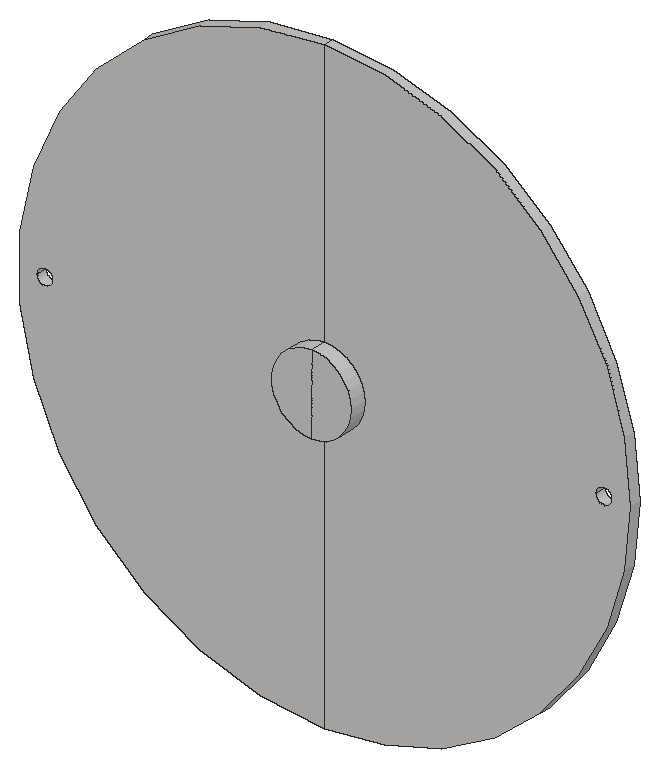
Revit family "PRD_FrankeWS_ShwrFttngsPckg_AdhesiveFlange_ZAQUA701", category Specialty Equipment, Revit 2018
Family settings
  Round Connector Dimension = Use Diameter
  Part Type = Normal
  OmniClass Number = 23.45.55.11
  OmniClass Title = Sanitary Components
  Work Plane-Based = No
  Always vertical = Yes
  Cut with Voids When Loaded = Yes
  Shared = No
  Room Calculation Point = No
Parameters (values of type "ZAQUA701")
  WarrantyStartDate [instance] = "1900-12-31T23:59:59"
  WarrantyGuarantorParts = "n/a"
  WarrantyGuarantorLabor = "n/a"
  WarrantyDurationUnit = "year"
  WarrantyDurationParts = "n/a"
  WarrantyDurationLabor = "n/a"
  WarrantyDescription = "n/a"
  Version = "1"
  Uniclass2015Version = "Products v1.23"
  Uniclass2015Title = "Shower fittings package"
  Uniclass2015Code = "Pr_40_20_87_75"
  URL = "www.kwc.com"
  TypeOfShowerPipe = "n/a"
  TypeOfConnection = "n/a"
  Type = "n/a"
  TailorMade = "No"
  TagNumber [instance] = "n/a"
  SustainabilityPerformance = "n/a"
  Status = "New"
  Size = "n/a"
  Shape = "n/a"
  SerialNumber [instance] = "n/a"
  Revision = "n/a"
  ReplacementCost = "n/a"
  Reference = "n/a"
  QuantityUom = "n/a"
  Quantity = "n/a"
  ProductInformation = "https://pim.kwc.com/product/2000101467/attachment/datasheet?locale=en"
  ProductCode = "210.0636.639"
  NominalWidth = 230 mm
  NominalLength = 230 mm
  NominalHeight = 0 mm
  NominalDepth = 0 mm
  NetWeight = 1.52 kg
  Name = "Adhesive flange ZAQUA701"
  NBSTypeID = "n/a"
  NBSReference = "45-35-70/330"
  NBSOfficeMasterTag = "n/a"
  NBSNote = "n/a"
  NBSDescription = "Shower fittings package"
  NBSCertification = "n/a"
  ModelReference = "ZAQUA701"
  ModelNumber = "2000101467"
  Model = ModelReference  # "ZAQUA701"
  Material = "stainless steel"
  ManufacturerURL = "www.kwc.com"
  ManufacturerName = "KWC Group AG"  # constant formula
  Manufacturer = ManufacturerName  # "KWC Group AG"
  IntegralAccessories = "n/a"
  InstallationDate [instance] = "1900-12-31T23:59:59"
  InletSize = "n/a"
  IfcExportType = "USERDEFINED"
  IfcExportAs = "IfcSanitaryTerminalType"
  GrossWeight = 1.54 kg
  Grade = "n/a"
  Finish = "n/a"
  Features = "stainless steel"
  ExpectedLife = "n/a"
  DurationUnit = "year"
  Description = "Adhesive flange made of stainless steel for shower head installation."
  CreatedOn = "05/2022"  # constant formula
  Constituents = "n/a"
  Color = "n/a"
  CodePerformance = "n/a"
  Category = "Pr_40_20_87_75, Shower fittings package"
  BodyMaterial = PRD_AR_StainlessSteel_Brushed
  BarCode [instance] = "n/a"
  BIMObjectName = "PRD_AR_ShowerFittingsPackage_AdhesiveFlange_ZAQUA701"
  Author = "Archispace"  # constant formula
  AssetType = "Fixed"
  AssetIdentifier [instance] = "n/a"
  AccessibilityPerformance = "n/a"
Reference planes
  plane 1 "Center (Front/Back)": y = 0
  plane 2: z = 0
  plane 3 "Center (Left/Right)": x = 0
Forms (mm)
  Revolve 1, solid, material "PRD_AR_StainlessSteel_Brushed" <- "BodyMaterial", detail levels fine
    sketch origin (0, 0, 0) x (0, 1, 0) y (0, 0, 1)
      loop
        line (60, 0) -> (60, 7.5) -> (46, 7.5) -> (46, 16) -> (0, 16) -> (0, 115) -> (-4, 115) -> (-4, 15) -> (-10, 15) -> (-10, 0) -> (60, 0)
      axis (-10, 0) -> (60, 0)
    angle from 0 to 360
  Revolve 2, void
    sketch origin (0, 0, 0) x (0, 1, 0) y (0, 0, 1)
      loop
        line (0, 0) -> (60, 0) -> (60, 7.5) -> (46, 7.5) -> (46, 16) -> (0, 16) -> (0, 0)
      axis (0, 0) -> (60, 0)
    angle from 0 to 360
  Extrusion 3, void
    sketch origin (0, 0, 0) x (1, 0, 0) y (0, 0, 1)
      loop
        circle (-105, 0) r 3
      loop
        circle (105, 0) r 3
    from 0 to 4
  Revolve 4, solid, material "PRD_AR_StainlessSteel_Brushed" <- "BodyMaterial", detail levels coarse+medium
    sketch origin (0, 0, 0) x (0, 1, 0) y (0, 0, 1)
      loop
        line (60, 0) -> (60, 7.5) -> (46, 7.5) -> (46, 16) -> (0, 16) -> (0, 115) -> (-4, 115) -> (-4, 0) -> (60, 0)
      axis (60, 0) -> (-4, 0)
    angle from 0 to 360
Cuts and joins
  Extrusion 3 cuts Revolve 1
Dimensions and locks
  aligned and locked: level to plane 2
